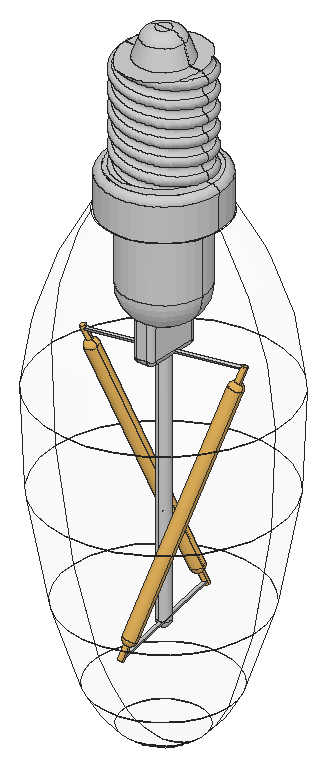
Revit family "STH20301_27_STH20302_27", category Luminárias, Revit 2023
Family settings
  Cota do conector redondo = Utilizar diâmetro
  Tipo de parte = Normal
  Com base no plano de trabalho = Não
  Sempre na vertical = Sim
  Corte com vazios quando carregada = Não
  Fonte luminosa = Sim
  Manter orientação da anotação = Não
  Compartilhado = Não
  Ponto de cálculo do ambiente = Não
Parameters (values of type "STH20301/27 - 127V - 2700K - 200lm - 320°")
  Ângulo de inclinação = 90.00°
  Ângulo de Abertura = "320°"
  Wattage = 1.34642 W
  URL = "https://stella.com.br/"
  Troca de temperatura da cor de lâmpada com esmaecimento = <Nenhum>
  Tensão Elétrica = "127V"
  built-in parameter 1150107 = 2700 (stored number, unit not read)
  Temperatura da cor (K) [instance] = 2700 K
  Referência [instance] = "STH20301/27 - 127V"
  Potência = 2.5 W
  built-in parameter 1150110 = 1 (stored number, unit not read)
  built-in parameter 1150109 = 1 (stored number, unit not read)
  built-in parameter 1114218 = 1 (stored number, unit not read)
  built-in parameter 1150112 = 1 (stored number, unit not read)
  built-in parameter 1150113 = 1 (stored number, unit not read)
  built-in parameter 1150132 = 2
  built-in parameter 1150137 = (empty or 0)
  Modelo = "Vela Lisa Filamento"
  built-in parameter 1150106 = 0.15915 (stored number, unit not read)
  built-in parameter 1150102 = (empty or 0)
  built-in parameter 1150105 = 15.915 (stored number, unit not read)
  IRC (Índice de reprodução de cores) = ">80"
  Grau de proteção (IP) = "IP20"
  Glass = Vidro
  Fluxo Luminoso [instance] = 200 lm
  Color Filter = 16777215
  built-in parameter 1114217 = 1 (stored number, unit not read)
  built-in parameter 1150139 = (empty or 0)
  Fabricante = "Stella"
  Emissivo = Luz Âmbar
  Default Elevation = 0.00 m
  built-in parameter 1150104 = 13.8 (stored number, unit not read)
  Diâmetro = 0.035 m
  Dimerização = "Não dimerizável"
  built-in parameter 1150115 = 1 (stored number, unit not read)
  built-in parameter 1150114 = 1 (stored number, unit not read)
  Cromado = Cromado
  Lumens = 200 lm
  built-in parameter 1150138 = (empty or 0)
  built-in parameter 1150134 = (empty or 0)
  Arquivo de rede fotométrica = "STELLA - STH20301-27 - VELA TRANSL.ies"
  Altura = 0.098 m
  built-in parameter 1150133 = 10 (stored number, unit not read)
Types (3, lengths in m): name | Tensão Elétrica | Referência | Arquivo de rede fotométrica
  (no name) | "127V" | "STH20301/27 - 127V" | "STELLA - STH20301-27 - VELA TRANSL.ies"
  STH20301/27 - 127V - 2700K - 200lm - 320° | "127V" | "STH20301/27 - 127V" | "STELLA - STH20301-27 - VELA TRANSL.ies"
  STH20302/27 - 220V - 2700K - 200lm - 320° | "220V" | "STH20302/27 - 220V" | "STELLA - STH20302-27 - VELA TRANSL.ies"
Reference planes (m)
  plane 1 "Centro (Frente/Trás)": y = 0
  plane 2 "Centro": z = 0
  plane 3 "Centro (Esquerda/Direita)": x = 0
  plane 4 "Superior": z = 0.049
  plane 5 "Inferior": z = -0.049
  plane 6: x = 0.0175
  plane 7: x = -0.0175
  plane 8: y = 0.0175
  plane 9: y = -0.0175
Forms (m)
  Revolve 1, solid, material "Vidro" <- "Glass"
    sketch origin (0, 0, 0.001938) x (1, 0, 0) y (0, 0, -1)
      loop
        line (0, -0.022062) -> (0.008746, -0.022062)
        arc (0.008746, -0.022062) -> (0.014667, -0.010354) -> (0.017247, 0.002509) r 0.048687
        arc (0.017247, 0.002509) -> (0.01732, 0.00952) -> (0.016662, 0.016501) r 0.067088
        arc (0.016662, 0.016501) -> (0.01546, 0.024174) -> (0.013768, 0.031755) r 0.120754
        arc (0.013768, 0.031755) -> (0.012065, 0.037525) -> (0.009961, 0.043161) r 0.085648
        arc (0.009961, 0.043161) -> (0.00816, 0.046137) -> (0.005827, 0.048718) r 0.018267
        arc (0.005827, 0.048718) -> (0.003126, 0.050405) -> (0, 0.051016) r 0.008777
        line (0, 0.051016) -> (0, -0.022062)
      axis (0, 0.051016) -> (0, -0.022062)
    angle from 0 to 360
  Revolve 2, solid, material "Cromado" <- "Cromado"
    sketch origin (0.066837, 0, -0.14007) x (1, 0, 0) y (0, 0, -1)
      loop
        arc (-0.060837, -0.15407) -> (-0.061386, -0.151792) -> (-0.062912, -0.150015) r 0.005002
        arc (-0.062912, -0.150015) -> (-0.064775, -0.149071) -> (-0.066837, -0.148746) r 0.006707
        line (-0.066837, -0.148746) -> (-0.066837, -0.16407) -> (-0.060837, -0.16407) -> (-0.060837, -0.15407)
      axis (-0.066837, -0.16407) -> (-0.066837, -0.148746)
    angle from 0 to 360
  Sweep 3, solid, material "Cromado" <- "Cromado"
    path origin (0, 0, 0.00346) x (1, 0, 0) y (0, 0, -1)
      loop
        line (0, -0.007237) -> (0, -0.0015)
    profile origin (0, 0, 0.007829) x (0, 1, 0) y (-1, 0, 0)
      loop
        line (-0.0042, 0.00075) -> (-0.0042, -0.00075)
        arc (-0.0042, -0.00075) -> (-0.003966, -0.001316) -> (-0.0034, -0.00155) r 0.0008
        line (-0.0034, -0.00155) -> (0.0034, -0.00155)
        arc (0.0034, -0.00155) -> (0.003966, -0.001316) -> (0.0042, -0.00075) r 0.0008
        line (0.0042, -0.00075) -> (0.0042, 0.00075)
        arc (0.0042, 0.00075) -> (0.003966, 0.001316) -> (0.0034, 0.00155) r 0.0008
        line (0.0034, 0.00155) -> (-0.0034, 0.00155)
        arc (-0.0034, 0.00155) -> (-0.003966, 0.001316) -> (-0.0042, 0.00075) r 0.0008
  Extrusion 4, solid, material "Cromado" <- "Cromado"
    sketch origin (0, 0, 0.001887) x (0, -1, 0) y (1, 0, 0)
      loop
        line (0.0034, -0.00075) -> (0.0034, 0.00075) -> (-0.0034, 0.00075) -> (-0.0034, -0.00075) -> (0.0034, -0.00075)
    from 0.002274 to 0.003074
  Extrusion 5, solid, material "Cromado" <- "Cromado"
    sketch origin (-0.0003, 0, 0.001887) x (1, 0, 0) y (0, 0, -1)
      loop
        line (0.00105, -0.002274) -> (0.00105, -0.003074) -> (0.00185, -0.003074)
        arc (0.00185, -0.003074) -> (0.001616, -0.002508) -> (0.00105, -0.002274) r 0.0008
    from -0.0034 to 0.0034
  Extrusion 6, solid, material "Cromado" <- "Cromado"
    sketch origin (0.0003, 0, 0.001887) x (-1, 0, 0) y (0, 0, 1)
      loop
        arc (0.00105, 0.002274) -> (0.001616, 0.002508) -> (0.00185, 0.003074) r 0.0008
        line (0.00185, 0.003074) -> (0.00105, 0.003074) -> (0.00105, 0.002274)
    from -0.0034 to 0.0034
  Extrusion 7, solid, material "Cromado" <- "Cromado"
    sketch origin (0, -0.00135, 0.001887) x (0, -1, 0) y (0, 0, -1)
      loop
        line (0.00205, -0.002274) -> (0.00205, -0.003074) -> (0.00285, -0.003074)
        arc (0.00285, -0.003074) -> (0.002616, -0.002508) -> (0.00205, -0.002274) r 0.0008
    from -0.00075 to 0.00075
  Extrusion 8, solid, material "Cromado" <- "Cromado"
    sketch origin (0, 0.00135, 0.001887) x (0, 1, 0) y (0, 0, 1)
      loop
        arc (0.00205, 0.002274) -> (0.002616, 0.002508) -> (0.00285, 0.003074) r 0.0008
        line (0.00285, 0.003074) -> (0.00205, 0.003074) -> (0.00205, 0.002274)
    from -0.00075 to 0.00075
  Revolve 9, solid, material "Cromado" <- "Cromado"
    sketch origin (0, 0, 0) x (0, -1, 0) y (0, 0, -1)
      loop
        line (0, -0.00416) -> (0, 0.033411)
        arc (0, 0.033411) -> (-0.000707, 0.033118) -> (-0.001, 0.032411) r 0.001
        line (-0.001, 0.032411) -> (-0.001, -0.00416) -> (0, -0.00416)
      axis (0, 0.033411) -> (0, -0.00416)
    angle from 0 to 360
  Extrusion 10, solid, material "Cromado" <- "Cromado"
    sketch origin (0.005075, -0.026044, -0.004648) x (0.981695, 0.190461, 0) y (0, 0, -1)
      loop
        circle (0, 0.027938) r 0.00025
    from 0.0158 to 0.0373
  Revolve 11, solid, material "Luz Âmbar" <- "Emissivo"
    sketch origin (0.000698, 0.003151, 0.004009) x (0.967613, -0.193328, -0.162327) y (-0.217029, -0.308656, -0.926083)
      loop
        arc (0.009745, -0.0008) -> (0.010452, -0.000507) -> (0.010745, 0.0002) r 0.001
        line (0.010745, 0.0002) -> (0.010745, 0.0351)
        arc (0.010745, 0.0351) -> (0.010452, 0.035807) -> (0.009745, 0.0361) r 0.001
        line (0.009745, 0.0361) -> (0.009745, -0.0008)
      axis (0.009745, 0.0361) -> (0.009745, -0.0008)
    angle from 0 to 360
  Extrusion 12, solid, material "Luz Âmbar" <- "Emissivo"
    sketch origin (-0.010028, -0.028067, -0.022169) x (0.967613, -0.193328, -0.162327) y (-0.128934, -0.931319, 0.340617)
      loop
        circle (0.009824, -0.021448) r 0.0004
    from -0.0004 to 0.0019
  Extrusion 13, solid, material "Luz Âmbar" <- "Emissivo"
    sketch origin (-0.001559, -0.016136, 0.013653) x (0.967613, -0.193328, -0.162327) y (0.128934, 0.931319, -0.340617)
      loop
        circle (0.009824, 0.021448) r 0.0004
    from -0.001926 to 0.000408
  Revolve 14, solid
    sketch origin (0, 0, 0.00496) x (1, 0, 0) y (0, 1, 0)
      loop
        line (-0.00075, 0.0034) -> (-0.00075, 0.0042)
        arc (-0.00075, 0.0042) -> (-0.001316, 0.003966) -> (-0.00155, 0.0034) r 0.0008
        line (-0.00155, 0.0034) -> (-0.00075, 0.0034)
      axis (-0.00075, 0.0034) -> (-0.00175, 0.0034)
    angle from 0 to 90
  Revolve 15, solid
    sketch origin (0, 0, 0.00496) x (-1, 0, 0) y (0, -1, 0)
      loop
        line (-0.00075, -0.0034) -> (-0.00155, -0.0034)
        arc (-0.00155, -0.0034) -> (-0.001316, -0.003966) -> (-0.00075, -0.0042) r 0.0008
        line (-0.00075, -0.0042) -> (-0.00075, -0.0034)
      axis (-0.00075, -0.0034) -> (-0.00175, -0.0034)
    angle from 0 to 90
  Revolve 16, solid, material "Cromado" <- "Cromado"
    sketch origin (0.0013, -0.00235, 0.00496) x (1, 0, 0) y (0, 1, 0)
      loop
        arc (-0.00285, -0.00105) -> (-0.002616, -0.001616) -> (-0.00205, -0.00185) r 0.0008
        line (-0.00205, -0.00185) -> (-0.00205, -0.00105) -> (-0.00285, -0.00105)
      axis (-0.00205, -0.00105) -> (-0.00305, -0.00105)
    angle from 0 to 90
  Revolve 17, solid, material "Cromado" <- "Cromado"
    sketch origin (-0.0013, -0.00235, 0.00496) x (1, 0, 0) y (0, 1, 0)
      loop
        line (0.00285, -0.00105) -> (0.00205, -0.00105) -> (0.00205, -0.00185)
        arc (0.00205, -0.00185) -> (0.002616, -0.001616) -> (0.00285, -0.00105) r 0.0008
      axis (0.00205, -0.00105) -> (0.00305, -0.00105)
    angle from 0 to 90
  Extrusion 18, solid, material "Cromado" <- "Cromado"
    sketch origin (0.026082, 0.005077, 0.032776) x (-0.190461, 0.981695, 0) y (0, 0, -1)
      loop
        circle (0, 0.027938) r 0.00025
    from 0.0158 to 0.0373
  Revolve 19, solid, material "Luz Âmbar" <- "Emissivo"
    sketch origin (-0.000698, -0.003151, 0.004009) x (-0.967613, 0.193328, -0.162327) y (0.217029, 0.308656, -0.926083)
      loop
        arc (0.009745, -0.0008) -> (0.010452, -0.000507) -> (0.010745, 0.0002) r 0.001
        line (0.010745, 0.0002) -> (0.010745, 0.0351)
        arc (0.010745, 0.0351) -> (0.010452, 0.035807) -> (0.009745, 0.0361) r 0.001
        line (0.009745, 0.0361) -> (0.009745, -0.0008)
      axis (0.009745, 0.0361) -> (0.009745, -0.0008)
    angle from 0 to 360
  Extrusion 20, solid, material "Luz Âmbar" <- "Emissivo"
    sketch origin (0.010028, 0.028067, -0.022169) x (-0.967613, 0.193328, -0.162327) y (0.128934, 0.931319, 0.340617)
      loop
        circle (0.009824, -0.021448) r 0.0004
    from -0.0004 to 0.0019
  Extrusion 21, solid, material "Luz Âmbar" <- "Emissivo"
    sketch origin (0.001559, 0.016136, 0.013653) x (-0.967613, 0.193328, -0.162327) y (-0.128934, -0.931319, -0.340617)
      loop
        circle (0.009824, 0.021448) r 0.0004
    from -0.001926 to 0.000408
  Revolve 22, solid, material "Luz Âmbar" <- "Emissivo", not visible
    sketch origin (0.000698, 0.003151, 0.008775) x (0.967613, -0.193328, -0.162327) y (-0.217029, -0.308656, -0.926083)
      loop
        arc (0.009745, -0.0008) -> (0.010452, -0.000507) -> (0.010745, 0.0002) r 0.001
        line (0.010745, 0.0002) -> (0.010745, 0.0351)
        arc (0.010745, 0.0351) -> (0.010452, 0.035807) -> (0.009745, 0.0361) r 0.001
        line (0.009745, 0.0361) -> (0.009745, -0.0008)
      axis (0.009745, 0.0361) -> (0.009745, -0.0008)
    angle from 0 to 360
  Extrusion 23, solid, material "Luz Âmbar" <- "Emissivo", not visible
    sketch origin (-0.010028, -0.028067, -0.017403) x (0.967613, -0.193328, -0.162327) y (-0.128934, -0.931319, 0.340617)
      loop
        circle (0.009824, -0.021448) r 0.0004
    from -0.0004 to 0.0019
  Extrusion 24, solid, material "Luz Âmbar" <- "Emissivo", not visible
    sketch origin (-0.001559, -0.016136, 0.018418) x (0.967613, -0.193328, -0.162327) y (0.128934, 0.931319, -0.340617)
      loop
        circle (0.009824, 0.021448) r 0.0004
    from -0.001926 to 0.000408
  Revolve 25, solid, material "Luz Âmbar" <- "Emissivo", not visible
    sketch origin (-0.000698, -0.003151, 0.008775) x (-0.967613, 0.193328, -0.162327) y (0.217029, 0.308656, -0.926083)
      loop
        arc (0.009745, -0.0008) -> (0.010452, -0.000507) -> (0.010745, 0.0002) r 0.001
        line (0.010745, 0.0002) -> (0.010745, 0.0351)
        arc (0.010745, 0.0351) -> (0.010452, 0.035807) -> (0.009745, 0.0361) r 0.001
        line (0.009745, 0.0361) -> (0.009745, -0.0008)
      axis (0.009745, 0.0361) -> (0.009745, -0.0008)
    angle from 0 to 360
  Extrusion 26, solid, material "Luz Âmbar" <- "Emissivo", not visible
    sketch origin (0.010028, 0.028067, -0.017403) x (-0.967613, 0.193328, -0.162327) y (0.128934, 0.931319, 0.340617)
      loop
        circle (0.009824, -0.021448) r 0.0004
    from -0.0004 to 0.0019
  Extrusion 27, solid, material "Luz Âmbar" <- "Emissivo", not visible
    sketch origin (0.001559, 0.016136, 0.018418) x (-0.967613, 0.193328, -0.162327) y (-0.128934, -0.931319, -0.340617)
      loop
        circle (0.009824, 0.021448) r 0.0004
    from -0.001926 to 0.000408
Cuts and joins
  joined: Extrusion 4, Extrusion 5, Extrusion 6, Extrusion 7, Extrusion 8
  joined: Revolve 2, Sweep 3
Dimensions and locks (m)
  "Altura": plane 4 "Superior" to plane 5 "Inferior"
  "Diâmetro": plane 8 to plane 9
  aligned and locked: level to plane 2 "Centro"
  aligned and locked: Extrusion 4 to Extrusion 7
Automatic sketch dimensions
  Revolve 11 sketch curve to Revolve 11 sketch curve = 0.001 m
  Revolve 11 sketch curve to Revolve 11 sketch curve = 0.00 m
  Revolve 11 sketch curve to Revolve 11 sketch curve = 0.002454 m
  Revolve 11 sketch curve to Revolve 11 sketch curve = 0.000309 m
  Revolve 11 sketch curve to Revolve 11 sketch curve = 0.0349 m
  level to Revolve 1 sketch curve = 0.000275 m
  Revolve 1 sketch curve to plane 3 "Centro (Esquerda/Direita)" = 0.103177 m
  Revolve 1 sketch curve to level = 0.008473 m
  Revolve 1 sketch curve to plane 6 = 0.086678 m
  Revolve 1 sketch curve to level = 0.00478 m
  Revolve 1 sketch curve to Revolve 1 sketch curve = 0.01947 m
  Revolve 1 sketch curve to Revolve 1 sketch curve = 0.018364 m
  plane 5 "Inferior" to Revolve 1 sketch curve = 0.015704 m
  Revolve 1 sketch curve to Revolve 1 sketch curve = 0.024848 m
  plane 5 "Inferior" to Revolve 1 sketch curve = 0.008699 m
  Revolve 1 sketch curve to Revolve 1 sketch curve = 0.006402 m
  Revolve 1 sketch curve to plane 5 "Inferior" = 0.000078 m
  Revolve 1 sketch curve to Revolve 1 sketch curve = 0.000095 m
  Revolve 1 sketch curve to Revolve 1 sketch curve = 0.008746 m
  level to Revolve 1 sketch curve = 0.024 m
  Revolve 1 sketch curve to level = 0.003626 m
  Revolve 1 sketch curve to Revolve 1 sketch curve = 0.00 m  (x3)
  plane 5 "Inferior" to Revolve 1 sketch curve = 0.007777 m
  Revolve 1 sketch curve to Revolve 1 sketch curve = 0.000585 m
  Revolve 1 sketch curve to Revolve 1 sketch curve = 0.00375 m
  Revolve 1 sketch curve to Revolve 1 sketch curve = 0.003172 m
  Revolve 2 sketch curve to plane 6 = 0.0175 m
  Revolve 2 sketch curve to Revolve 2 sketch curve = 0.000998 m
  Revolve 2 sketch curve to Revolve 2 sketch curve = 0.006 m
  level to Revolve 2 sketch curve = 0.024 m
  Revolve 2 sketch curve to Revolve 2 sketch curve = 0.008617 m
  Revolve 2 sketch curve to Revolve 2 sketch curve = 0.001382 m
  Revolve 2 sketch curve to Revolve 2 sketch curve = 0.005325 m
  Revolve 2 sketch curve to Revolve 2 sketch curve = 0.00 m  (x4)
  Revolve 2 sketch curve to Revolve 2 sketch curve = 0.001729 m
  Revolve 2 sketch curve to Revolve 2 sketch curve = 0.002156 m
  profile plane to Sweep 3 sketch curve = 0.00075 m  (x2)
  Sweep 3 sketch curve to profile plane = 0.0042 m
  Sweep 3 sketch curve to Sweep 3 sketch curve = 0.0008 m  (x3)
  profile plane to Sweep 3 sketch curve = 0.0034 m
  Sweep 3 sketch curve to profile plane = 0.00075 m
  Sweep 3 sketch curve to Sweep 3 sketch curve = 0.00 m  (x2)
  Extrusion 4 sketch curve to plane 3 "Centro (Esquerda/Direita)" = 0.00075 m
  Extrusion 4 sketch curve to plane 1 "Centro (Frente/Trás)" = 0.0034 m
  plane 1 "Centro (Frente/Trás)" to Extrusion 4 sketch curve = 0.0034 m
  plane 3 "Centro (Esquerda/Direita)" to Extrusion 4 sketch curve = 0.00075 m
  plane 3 "Centro (Esquerda/Direita)" to Extrusion 5 sketch curve = 0.00075 m
  Extrusion 5 sketch curve to Extrusion 5 sketch curve = 0.0008 m
  level to Extrusion 5 sketch curve = 0.00496 m
  Extrusion 6 sketch curve to plane 3 "Centro (Esquerda/Direita)" = 0.00075 m
  Extrusion 6 sketch curve to Extrusion 6 sketch curve = 0.0008 m
  level to Extrusion 6 sketch curve = 0.00416 m
  plane 1 "Centro (Frente/Trás)" to Extrusion 7 sketch curve = 0.0034 m
  Extrusion 7 sketch curve to Extrusion 7 sketch curve = 0.0008 m
  level to Extrusion 7 sketch curve = 0.00496 m
  Extrusion 8 sketch curve to plane 1 "Centro (Frente/Trás)" = 0.0034 m
  Extrusion 8 sketch curve to Extrusion 8 sketch curve = 0.0008 m
  level to Extrusion 8 sketch curve = 0.00416 m
  plane 5 "Inferior" to Extrusion 10 sketch curve = 0.016414 m
  Revolve 14 sketch curve to plane 3 "Centro (Esquerda/Direita)" = 0.00155 m
  Revolve 14 sketch curve to plane 3 "Centro (Esquerda/Direita)" = 0.00075 m
  Revolve 14 sketch curve to plane 1 "Centro (Frente/Trás)" = 0.0034 m
  Revolve 14 sketch curve to Revolve 14 sketch curve = 0.000521 m
  Revolve 14 sketch curve to plane 3 "Centro (Esquerda/Direita)" = 0.000287 m
  Revolve 14 sketch curve to Revolve 14 sketch curve = 0.00 m
  plane 3 "Centro (Esquerda/Direita)" to Revolve 15 sketch curve = 0.00155 m
  plane 3 "Centro (Esquerda/Direita)" to Revolve 15 sketch curve = 0.00075 m
  Revolve 15 sketch curve to plane 1 "Centro (Frente/Trás)" = 0.0042 m
  Revolve 15 sketch curve to Revolve 15 sketch curve = 0.000521 m
  plane 3 "Centro (Esquerda/Direita)" to Revolve 15 sketch curve = 0.000287 m
  Revolve 15 sketch curve to Revolve 15 sketch curve = 0.00 m
  Revolve 16 sketch curve to plane 3 "Centro (Esquerda/Direita)" = 0.00155 m
  Revolve 16 sketch curve to plane 3 "Centro (Esquerda/Direita)" = 0.00075 m
  plane 1 "Centro (Frente/Trás)" to Revolve 16 sketch curve = 0.0042 m
  Revolve 16 sketch curve to Revolve 16 sketch curve = 0.0002 m
  Revolve 16 sketch curve to Revolve 16 sketch curve = 0.000219 m
  Revolve 16 sketch curve to Revolve 16 sketch curve = 0.00 m
  plane 3 "Centro (Esquerda/Direita)" to Revolve 17 sketch curve = 0.00075 m
  Revolve 17 sketch curve to Revolve 17 sketch curve = 0.0008 m
  plane 1 "Centro (Frente/Trás)" to Revolve 17 sketch curve = 0.0042 m
  Revolve 17 sketch curve to Revolve 17 sketch curve = 0.000219 m
  Revolve 17 sketch curve to Revolve 17 sketch curve = 0.0002 m
  Revolve 17 sketch curve to Revolve 17 sketch curve = 0.00 m
  level to Extrusion 18 sketch curve = 0.004838 m
  Revolve 19 sketch curve to Revolve 19 sketch curve = 0.001 m
  Revolve 19 sketch curve to Revolve 19 sketch curve = 0.0349 m
  Revolve 19 sketch curve to Revolve 19 sketch curve = 0.00 m
  Revolve 19 sketch curve to Revolve 19 sketch curve = 0.002454 m
  Revolve 19 sketch curve to Revolve 19 sketch curve = 0.000309 m
  Revolve 22 sketch curve to Revolve 22 sketch curve = 0.001 m
  Revolve 22 sketch curve to Revolve 22 sketch curve = 0.00 m
  Revolve 22 sketch curve to Revolve 22 sketch curve = 0.002454 m
  Revolve 22 sketch curve to Revolve 22 sketch curve = 0.000309 m
  Revolve 22 sketch curve to Revolve 22 sketch curve = 0.0349 m
  Revolve 25 sketch curve to Revolve 25 sketch curve = 0.001 m
  Revolve 25 sketch curve to Revolve 25 sketch curve = 0.0349 m
  Revolve 25 sketch curve to Revolve 25 sketch curve = 0.00 m
  Revolve 25 sketch curve to Revolve 25 sketch curve = 0.002454 m
  Revolve 25 sketch curve to Revolve 25 sketch curve = 0.000309 m
  Revolve 9 sketch curve to plane 1 "Centro (Frente/Trás)" = 0.00 m  (x2)
  level to Revolve 9 sketch curve = 0.00416 m
  plane 5 "Inferior" to Revolve 9 sketch curve = 0.01659 m
  Revolve 9 sketch curve to Revolve 9 sketch curve = 0.002691 m
  Revolve 9 sketch curve to Revolve 9 sketch curve = 0.006507 m
  Revolve 9 sketch curve to plane 1 "Centro (Frente/Trás)" = 0.001 m
  Sweep 3 sketch curve to plane 3 "Centro (Esquerda/Direita)" = 0.00 m
  level to Sweep 3 sketch curve = 0.010698 m
  level to Sweep 3 sketch curve = 0.00496 m
  radius of Extrusion 12 sketch curve = 0.0004 m
  radius of Extrusion 13 sketch curve = 0.0004 m
  radius of Extrusion 10 sketch curve = 0.00025 m
  radius of Extrusion 18 sketch curve = 0.00025 m
  radius of Extrusion 20 sketch curve = 0.0004 m
  radius of Extrusion 21 sketch curve = 0.0004 m
  radius of Extrusion 23 sketch curve = 0.0004 m
  radius of Extrusion 24 sketch curve = 0.0004 m
  radius of Extrusion 26 sketch curve = 0.0004 m
  radius of Extrusion 27 sketch curve = 0.0004 m
Nested families (m)
  nested 1: "Adaptador - Vela Lisa Filamento" at (0, 0, 0.03), type "Adaptador - Vela Lisa Filamento"
Connectors (m)
  electrical at (0, 0, 0.049)
    settings: index 1, voltage 0 V, apparent load 0 VA, apparent load phase1 0 VA, apparent load phase2 0 VA, apparent load phase3 0 VA, power factor 1, load classification "Outro", number of poles 1, system type 31, power factor state 1, is connector primary yes, connector utility no, sub classification motor no, connector description ""
Definition of nested family "Adaptador - Vela Lisa Filamento"
  Parameters (values of type "Adaptador - Vela Lisa Filamento")
    Default Elevation = 0.00 m
    Cromado = none
  Reference planes (m)
    plane 1 "Centro (Frente/Trás)": y = 0
    plane 2: z = 0
    plane 3 "Centro (Esquerda/Direita)": x = 0
    plane 4: x = -0.0085
    plane 5: x = 0.0085
    plane 6: z = 0.015
    plane 7: z = 0.019
    plane 8: z = -0.006
    plane 9: y = 0.0085
    plane 10: y = -0.0085
  Forms (m)
    SweptBlend 1, solid, material <- "Cromado"
      path origin (0, 0, 0) x (1, 0, 0) y (0, 1, 0)
        loop
          arc (-0.0068, 0) -> (0, -0.0068) -> (0.0068, 0) r 0.0068
      profile origin (-0.0068, 0, 0) x (1, 0, 0) y (0, 0, 1)
        loop
          arc (0.00049, 0.011861) -> (0, 0.011202) -> (0.00049, 0.010543) r 0.000688
          arc (0.00049, 0.010543) -> (0.00098, 0.009884) -> (0.00049, 0.009225) r 0.000688
          arc (0.00049, 0.009225) -> (0, 0.008566) -> (0.00049, 0.007907) r 0.000688
          arc (0.00049, 0.007907) -> (0.00098, 0.007249) -> (0.00049, 0.00659) r 0.000688
          arc (0.00049, 0.00659) -> (0, 0.005931) -> (0.00049, 0.005272) r 0.000688
          arc (0.00049, 0.005272) -> (0.00098, 0.004613) -> (0.00049, 0.003954) r 0.000688
          arc (0.00049, 0.003954) -> (0, 0.003295) -> (0.00049, 0.002636) r 0.000688
          arc (0.00049, 0.002636) -> (0.00098, 0.001977) -> (0.00049, 0.001318) r 0.000688
          arc (0.00049, 0.001318) -> (0, 0.000659) -> (0.00049, 0) r 0.000688
          line (0.00049, 0) -> (0.003, 0) -> (0.003, 0.017133) -> (0.00049, 0.017133)
          arc (0.00049, 0.017133) -> (0, 0.016474) -> (0.00049, 0.015815) r 0.000688
          arc (0.00049, 0.015815) -> (0.00098, 0.015156) -> (0.00049, 0.014497) r 0.000688
          arc (0.00049, 0.014497) -> (0, 0.013838) -> (0.00049, 0.013179) r 0.000688
          arc (0.00049, 0.013179) -> (0.00098, 0.01252) -> (0.00049, 0.011861) r 0.000688
      end profile origin (0.0068, 0, 0) x (-1, 0, 0) y (0, 0, 1)
        loop
          arc (0.00049, 0.002644) -> (0.00098, 0.001985) -> (0.00049, 0.001326) r 0.000688
          arc (0.00049, 0.001326) -> (0, 0.000667) -> (0.00049, 0.000008) r 0.000688
          arc (0.00049, 0.000008) -> (0.00098, -0.000651) -> (0.00049, -0.00131) r 0.000688
          arc (0.00049, -0.00131) -> (0, -0.001969) -> (0.00049, -0.002628) r 0.000688
          arc (0.00049, -0.002628) -> (0.00098, -0.003287) -> (0.00049, -0.003946) r 0.000688
          line (0.00049, -0.003946) -> (0.003, -0.003946) -> (0.003, 0.015823) -> (0.00049, 0.015823)
          arc (0.00049, 0.015823) -> (0.00098, 0.015164) -> (0.00049, 0.014505) r 0.000688
          arc (0.00049, 0.014505) -> (0, 0.013846) -> (0.00049, 0.013187) r 0.000688
          arc (0.00049, 0.013187) -> (0.00098, 0.012528) -> (0.00049, 0.011869) r 0.000688
          arc (0.00049, 0.011869) -> (0, 0.01121) -> (0.00049, 0.010552) r 0.000688
          arc (0.00049, 0.010552) -> (0.00098, 0.009893) -> (0.00049, 0.009234) r 0.000688
          arc (0.00049, 0.009234) -> (0, 0.008575) -> (0.00049, 0.007916) r 0.000688
          arc (0.00049, 0.007916) -> (0.00098, 0.007257) -> (0.00049, 0.006598) r 0.000688
          arc (0.00049, 0.006598) -> (0, 0.005939) -> (0.00049, 0.00528) r 0.000688
          arc (0.00049, 0.00528) -> (0.00098, 0.004621) -> (0.00049, 0.003962) r 0.000688
          arc (0.00049, 0.003962) -> (0, 0.003303) -> (0.00049, 0.002644) r 0.000688
    Extrusion 2, void
      sketch origin (0, 0, 0) x (1, 0, 0) y (0, 0, 1)
        loop
          line (-0.0068, 0.015) -> (0.0068, 0.015) -> (0.0068, 0.020766) -> (-0.0068, 0.020766) -> (-0.0068, 0.015)
      from -0.008 to 0.008
    Extrusion 3, void
      sketch origin (0, 0, 0) x (1, 0, 0) y (0, 0, 1)
        loop
          line (-0.0068, 0) -> (-0.0068, -0.006) -> (0.0068, -0.006) -> (0.0068, 0) -> (-0.0068, 0)
      from -0.008 to 0.008
    SweptBlend 4, solid, material <- "Cromado"
      path origin (0, 0, 0) x (1, 0, 0) y (0, 1, 0)
        loop
          arc (-0.0068, 0) -> (0, 0.0068) -> (0.0068, 0) r 0.0068
      profile origin (-0.0068, 0, 0) x (-1, 0, 0) y (0, 0, 1)
        loop
          arc (-0.00049, 0.009234) -> (-0.00098, 0.009893) -> (-0.00049, 0.010552) r 0.000688
          arc (-0.00049, 0.010552) -> (0, 0.01121) -> (-0.00049, 0.011869) r 0.000688
          arc (-0.00049, 0.011869) -> (-0.00098, 0.012528) -> (-0.00049, 0.013187) r 0.000688
          arc (-0.00049, 0.013187) -> (0, 0.013846) -> (-0.00049, 0.014505) r 0.000688
          arc (-0.00049, 0.014505) -> (-0.00098, 0.015164) -> (-0.00049, 0.015823) r 0.000688
          line (-0.00049, 0.015823) -> (-0.003, 0.015823) -> (-0.003, -0.003946) -> (-0.00049, -0.003946)
          arc (-0.00049, -0.003946) -> (-0.00098, -0.003287) -> (-0.00049, -0.002628) r 0.000688
          arc (-0.00049, -0.002628) -> (0, -0.001969) -> (-0.00049, -0.00131) r 0.000688
          arc (-0.00049, -0.00131) -> (-0.00098, -0.000651) -> (-0.00049, 0.000008) r 0.000688
          arc (-0.00049, 0.000008) -> (0, 0.000667) -> (-0.00049, 0.001326) r 0.000688
          arc (-0.00049, 0.001326) -> (-0.00098, 0.001985) -> (-0.00049, 0.002644) r 0.000688
          arc (-0.00049, 0.002644) -> (0, 0.003303) -> (-0.00049, 0.003962) r 0.000688
          arc (-0.00049, 0.003962) -> (-0.00098, 0.004621) -> (-0.00049, 0.00528) r 0.000688
          arc (-0.00049, 0.00528) -> (0, 0.005939) -> (-0.00049, 0.006598) r 0.000688
          arc (-0.00049, 0.006598) -> (-0.00098, 0.007257) -> (-0.00049, 0.007916) r 0.000688
          arc (-0.00049, 0.007916) -> (0, 0.008575) -> (-0.00049, 0.009234) r 0.000688
      end profile origin (0.0068, 0, 0) x (1, 0, 0) y (0, 0, 1)
        loop
          arc (-0.00049, 0.005272) -> (0, 0.005931) -> (-0.00049, 0.00659) r 0.000688
          arc (-0.00049, 0.00659) -> (-0.00098, 0.007249) -> (-0.00049, 0.007907) r 0.000688
          arc (-0.00049, 0.007907) -> (0, 0.008566) -> (-0.00049, 0.009225) r 0.000688
          arc (-0.00049, 0.009225) -> (-0.00098, 0.009884) -> (-0.00049, 0.010543) r 0.000688
          arc (-0.00049, 0.010543) -> (0, 0.011202) -> (-0.00049, 0.011861) r 0.000688
          arc (-0.00049, 0.011861) -> (-0.00098, 0.01252) -> (-0.00049, 0.013179) r 0.000688
          arc (-0.00049, 0.013179) -> (0, 0.013838) -> (-0.00049, 0.014497) r 0.000688
          arc (-0.00049, 0.014497) -> (-0.00098, 0.015156) -> (-0.00049, 0.015815) r 0.000688
          arc (-0.00049, 0.015815) -> (0, 0.016474) -> (-0.00049, 0.017133) r 0.000688
          line (-0.00049, 0.017133) -> (-0.003, 0.017133) -> (-0.003, 0) -> (-0.00049, 0)
          arc (-0.00049, 0) -> (0, 0.000659) -> (-0.00049, 0.001318) r 0.000688
          arc (-0.00049, 0.001318) -> (-0.00098, 0.001977) -> (-0.00049, 0.002636) r 0.000688
          arc (-0.00049, 0.002636) -> (0, 0.003295) -> (-0.00049, 0.003954) r 0.000688
          arc (-0.00049, 0.003954) -> (-0.00098, 0.004613) -> (-0.00049, 0.005272) r 0.000688
    Revolve 5, solid, material <- "Cromado"
      sketch origin (0, 0, 0) x (1, 0, 0) y (0, 0, 1)
        loop
          arc (0.003023, 0.017684) -> (0.002291, 0.018638) -> (0.001144, 0.019) r 0.002
          line (0.001144, 0.019) -> (0, 0.019) -> (0, 0.015) -> (0.004, 0.015) -> (0.003023, 0.017684)
        axis (0, 0.019) -> (0, 0.015)
      angle from 0 to 360
    Revolve 6, solid, material <- "Cromado"
      sketch origin (0, 0, 0) x (1, 0, 0) y (0, 0, 1)
        loop
          line (0, 0) -> (0, -0.0008) -> (0.0077, -0.0008) -> (0.0077, -0.006) -> (0.0085, -0.006) -> (0.0085, -0.001)
          arc (0.0085, -0.001) -> (0.008207, -0.000293) -> (0.0075, 0) r 0.001
          line (0.0075, 0) -> (0, 0)
        axis (0, 0) -> (0, -0.006)
      angle from 0 to 360
  Cuts and joins
    Extrusion 2, Extrusion 3 cuts SweptBlend 1
    Extrusion 2, Extrusion 3 cuts SweptBlend 4
  Dimensions and locks (m)
    aligned and locked: level to plane 2
